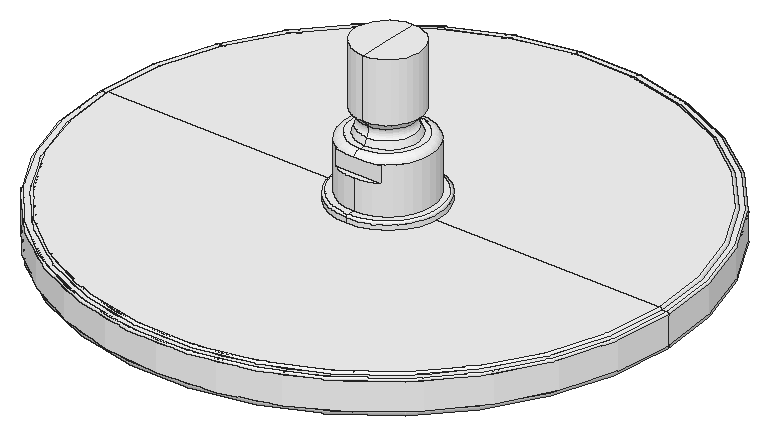
Revit family "S-2762_SPEAKMAN-NEO_RAIN SHOWER HEAD", category Plumbing Fixtures, Revit 2023
Family settings
  Round Connector Dimension = Use Diameter
  Part Type = Normal
  Work Plane-Based = No
  Enable Cutting in Views = Yes
  Always vertical = Yes
  Cut with Voids When Loaded = No
  Maintain Annotation Orientation = No
  Shared = No
  Room Calculation Point = No
Parameters
  S-2762_SPEAKMAN-NEO_RAIN SHOWER HEAD = S-2762_SPEAKMAN-NEO_RAIN SHOWER HEAD
  Default Elevation = 0' - 0"
Reference planes (in)
  plane 1 "Center (Front/Back)": y = 0
  plane 2: z = 0
  plane 3 "Center (Left/Right)": x = 0
  plane 4: y = -0.4375
  plane 5: y = 3.93664
  plane 6: y = -3.93664
  plane 7: x = -3.98643
  plane 8: x = 3.8888
  plane 9: z = -2.56329
  plane 10: y = 0.4375
  plane 11: y = 0.59375
  plane 12: y = -0.59375
  plane 13: x = 0.5933
  plane 14: x = -0.5933
  plane 15: x = 0.43705
  plane 16: x = -0.43705
  plane 17: z = -2.49349
  plane 18: z = -1.99349
  plane 19: z = -2.49349
Forms (in)
  Revolve 1, solid, material "S-2762_SPEAKMAN-NEO_RAIN SHOWER HEAD" <- "S-2762_SPEAKMAN-NEO_RAIN SHOWER HEAD"
    sketch origin (-0.04871, 0, -0.0008) x (1, 0, 0) y (0, 0, 1)
      loop
        line (0, -1.99269) -> (0, -2.49219) -> (3.8652, -2.49219)
        arc (3.8652, -2.49219) -> (3.91632, -2.47101) -> (3.9375, -2.41989) r 0.0723
        line (3.9375, -2.41989) -> (3.9375, -2.04326)
        arc (3.9375, -2.04326) -> (3.92969, -2.02439) -> (3.91082, -2.01658) r 0.02668
        line (3.91082, -2.01658) -> (3.84001, -2.01658)
        arc (3.84001, -2.01658) -> (3.82672, -1.99926) -> (3.80589, -1.99269) r 0.0363
        line (3.80589, -1.99269) -> (0, -1.99269)
      axis (0, -1.99269) -> (0, -2.49219)
    angle from 0 to 360
  Revolve 2, solid, material "S-2762_SPEAKMAN-NEO_RAIN SHOWER HEAD" <- "S-2762_SPEAKMAN-NEO_RAIN SHOWER HEAD"
    sketch origin (-0.00045, 0.03746, -0.0008) x (0, 1, 0) y (0, 0, 1)
      loop
        line (-0.03746, -1.99269) -> (-0.03746, 0) -> (-0.47496, 0) -> (-0.47496, -0.81563) -> (-0.38887, -0.91036)
        arc (-0.38887, -0.91036) -> (-0.36644, -0.98263) -> (-0.40125, -1.04982) r 0.09964
        line (-0.40125, -1.04982) -> (-0.43334, -1.13798) -> (-0.51792, -1.13798)
        arc (-0.51792, -1.13798) -> (-0.58707, -1.15979) -> (-0.63121, -1.21731) r 0.12056
        line (-0.63121, -1.21731) -> (-0.63121, -1.86162) -> (-0.72146, -1.86162)
        arc (-0.72146, -1.86162) -> (-0.74301, -1.87055) -> (-0.75194, -1.89211) r 0.03049
        line (-0.75194, -1.89211) -> (-0.75194, -1.95913) -> (-0.63121, -1.95913) -> (-0.63121, -1.99269) -> (-0.03746, -1.99269)
      axis (-0.03746, 0) -> (-0.03746, -1.99269)
    angle from 0 to 360
  Extrusion 3, solid, material "S-2762_SPEAKMAN-NEO_RAIN SHOWER HEAD" <- "S-2762_SPEAKMAN-NEO_RAIN SHOWER HEAD"
    sketch origin (-0.86907, 1.38966, -2.48075) x (0, 1, 0) y (1, 0, 0)
      loop
        circle (-4.09733, 0.87484) r 0.11553
    from 0 to 0.06785
  Extrusion 4, solid, material "S-2762_SPEAKMAN-NEO_RAIN SHOWER HEAD" <- "S-2762_SPEAKMAN-NEO_RAIN SHOWER HEAD"
    sketch origin (-0.86907, 1.38966, -2.48075) x (0, 1, 0) y (1, 0, 0)
      loop
        circle (-4.09733, 0.87484) r 0.03481
    from 0 to 0.08254
  Extrusion 5, solid, material "S-2762_SPEAKMAN-NEO_RAIN SHOWER HEAD" <- "S-2762_SPEAKMAN-NEO_RAIN SHOWER HEAD"
    sketch origin (-0.86907, 2.83894, -2.48075) x (0, 1, 0) y (1, 0, 0)
      loop
        circle (-4.09733, 0.87484) r 0.11553
    from 0 to 0.06785
  Extrusion 6, solid, material "S-2762_SPEAKMAN-NEO_RAIN SHOWER HEAD" <- "S-2762_SPEAKMAN-NEO_RAIN SHOWER HEAD"
    sketch origin (-0.86907, 2.83894, -2.48075) x (0, 1, 0) y (1, 0, 0)
      loop
        circle (-4.09733, 0.87484) r 0.03481
    from 0 to 0.08254
  Extrusion 7, solid, material "S-2762_SPEAKMAN-NEO_RAIN SHOWER HEAD" <- "S-2762_SPEAKMAN-NEO_RAIN SHOWER HEAD"
    sketch origin (-0.4356, 0.69521, -2.48075) x (0, 1, 0) y (1, 0, 0)
      loop
        circle (-4.09733, 0.87484) r 0.11553
    from 0 to 0.06785
  Extrusion 8, solid, material "S-2762_SPEAKMAN-NEO_RAIN SHOWER HEAD" <- "S-2762_SPEAKMAN-NEO_RAIN SHOWER HEAD"
    sketch origin (-0.4356, 0.69521, -2.48075) x (0, 1, 0) y (1, 0, 0)
      loop
        circle (-4.09733, 0.87484) r 0.03481
    from 0 to 0.08254
  Extrusion 9, solid, material "S-2762_SPEAKMAN-NEO_RAIN SHOWER HEAD" <- "S-2762_SPEAKMAN-NEO_RAIN SHOWER HEAD"
    sketch origin (0.40398, 0.91178, -2.48075) x (0, 1, 0) y (1, 0, 0)
      loop
        circle (-4.09733, 0.87484) r 0.11553
    from 0 to 0.06785
  Extrusion 10, solid, material "S-2762_SPEAKMAN-NEO_RAIN SHOWER HEAD" <- "S-2762_SPEAKMAN-NEO_RAIN SHOWER HEAD"
    sketch origin (0.40398, 0.91178, -2.48075) x (0, 1, 0) y (1, 0, 0)
      loop
        circle (-4.09733, 0.87484) r 0.03481
    from 0 to 0.08254
  Extrusion 11, solid, material "S-2762_SPEAKMAN-NEO_RAIN SHOWER HEAD" <- "S-2762_SPEAKMAN-NEO_RAIN SHOWER HEAD"
    sketch origin (-0.02322, 1.52419, -2.48075) x (0, 1, 0) y (1, 0, 0)
      loop
        circle (-4.09733, 0.87484) r 0.11553
    from 0 to 0.06785
  Extrusion 12, solid, material "S-2762_SPEAKMAN-NEO_RAIN SHOWER HEAD" <- "S-2762_SPEAKMAN-NEO_RAIN SHOWER HEAD"
    sketch origin (-0.02322, 1.52419, -2.48075) x (0, 1, 0) y (1, 0, 0)
      loop
        circle (-4.09733, 0.87484) r 0.03481
    from 0 to 0.08254
  Extrusion 13, solid, material "S-2762_SPEAKMAN-NEO_RAIN SHOWER HEAD" <- "S-2762_SPEAKMAN-NEO_RAIN SHOWER HEAD"
    sketch origin (1.1623, 1.32906, -2.48075) x (0, 1, 0) y (1, 0, 0)
      loop
        circle (-4.09733, 0.87484) r 0.11553
    from 0 to 0.06785
  Extrusion 14, solid, material "S-2762_SPEAKMAN-NEO_RAIN SHOWER HEAD" <- "S-2762_SPEAKMAN-NEO_RAIN SHOWER HEAD"
    sketch origin (1.1623, 1.32906, -2.48075) x (0, 1, 0) y (1, 0, 0)
      loop
        circle (-4.09733, 0.87484) r 0.03481
    from 0 to 0.08254
  Extrusion 15, solid, material "S-2762_SPEAKMAN-NEO_RAIN SHOWER HEAD" <- "S-2762_SPEAKMAN-NEO_RAIN SHOWER HEAD"
    sketch origin (0.73509, 1.91071, -2.48075) x (0, 1, 0) y (1, 0, 0)
      loop
        circle (-4.09733, 0.87484) r 0.11553
    from 0 to 0.06785
  Extrusion 16, solid, material "S-2762_SPEAKMAN-NEO_RAIN SHOWER HEAD" <- "S-2762_SPEAKMAN-NEO_RAIN SHOWER HEAD"
    sketch origin (0.73509, 1.91071, -2.48075) x (0, 1, 0) y (1, 0, 0)
      loop
        circle (-4.09733, 0.87484) r 0.03481
    from 0 to 0.08254
  Extrusion 17, solid, material "S-2762_SPEAKMAN-NEO_RAIN SHOWER HEAD" <- "S-2762_SPEAKMAN-NEO_RAIN SHOWER HEAD"
    sketch origin (1.79285, 1.91962, -2.48075) x (0, 1, 0) y (1, 0, 0)
      loop
        circle (-4.09733, 0.87484) r 0.11553
    from 0 to 0.06785
  Extrusion 18, solid, material "S-2762_SPEAKMAN-NEO_RAIN SHOWER HEAD" <- "S-2762_SPEAKMAN-NEO_RAIN SHOWER HEAD"
    sketch origin (1.79285, 1.91962, -2.48075) x (0, 1, 0) y (1, 0, 0)
      loop
        circle (-4.09733, 0.87484) r 0.03481
    from 0 to 0.08254
  Extrusion 19, solid, material "S-2762_SPEAKMAN-NEO_RAIN SHOWER HEAD" <- "S-2762_SPEAKMAN-NEO_RAIN SHOWER HEAD"
    sketch origin (2.25519, 2.6528, -2.48075) x (0, 1, 0) y (1, 0, 0)
      loop
        circle (-4.09733, 0.87484) r 0.11553
    from 0 to 0.06785
  Extrusion 20, solid, material "S-2762_SPEAKMAN-NEO_RAIN SHOWER HEAD" <- "S-2762_SPEAKMAN-NEO_RAIN SHOWER HEAD"
    sketch origin (2.25519, 2.6528, -2.48075) x (0, 1, 0) y (1, 0, 0)
      loop
        circle (-4.09733, 0.87484) r 0.03481
    from 0 to 0.08254
  Extrusion 21, solid, material "S-2762_SPEAKMAN-NEO_RAIN SHOWER HEAD" <- "S-2762_SPEAKMAN-NEO_RAIN SHOWER HEAD"
    sketch origin (2.52289, 3.47587, -2.48075) x (0, 1, 0) y (1, 0, 0)
      loop
        circle (-4.09733, 0.87484) r 0.11553
    from 0 to 0.06785
  Extrusion 22, solid, material "S-2762_SPEAKMAN-NEO_RAIN SHOWER HEAD" <- "S-2762_SPEAKMAN-NEO_RAIN SHOWER HEAD"
    sketch origin (2.52289, 3.47587, -2.48075) x (0, 1, 0) y (1, 0, 0)
      loop
        circle (-4.09733, 0.87484) r 0.03481
    from 0 to 0.08254
  Extrusion 23, solid, material "S-2762_SPEAKMAN-NEO_RAIN SHOWER HEAD" <- "S-2762_SPEAKMAN-NEO_RAIN SHOWER HEAD"
    sketch origin (1.58649, 2.77478, -2.48075) x (0, 1, 0) y (1, 0, 0)
      loop
        circle (-4.09733, 0.87484) r 0.11553
    from 0 to 0.06785
  Extrusion 24, solid, material "S-2762_SPEAKMAN-NEO_RAIN SHOWER HEAD" <- "S-2762_SPEAKMAN-NEO_RAIN SHOWER HEAD"
    sketch origin (1.58649, 2.77478, -2.48075) x (0, 1, 0) y (1, 0, 0)
      loop
        circle (-4.09733, 0.87484) r 0.03481
    from 0 to 0.08254
  Extrusion 25, solid, material "S-2762_SPEAKMAN-NEO_RAIN SHOWER HEAD" <- "S-2762_SPEAKMAN-NEO_RAIN SHOWER HEAD"
    sketch origin (1.73254, 3.27776, -2.48075) x (0, 1, 0) y (1, 0, 0)
      loop
        circle (-4.09733, 0.87484) r 0.11553
    from 0 to 0.06785
  Extrusion 26, solid, material "S-2762_SPEAKMAN-NEO_RAIN SHOWER HEAD" <- "S-2762_SPEAKMAN-NEO_RAIN SHOWER HEAD"
    sketch origin (1.73254, 3.27776, -2.48075) x (0, 1, 0) y (1, 0, 0)
      loop
        circle (-4.09733, 0.87484) r 0.03481
    from 0 to 0.08254
  Extrusion 27, solid, material "S-2762_SPEAKMAN-NEO_RAIN SHOWER HEAD" <- "S-2762_SPEAKMAN-NEO_RAIN SHOWER HEAD"
    sketch origin (1.86298, 4.12219, -2.48075) x (0, 1, 0) y (1, 0, 0)
      loop
        circle (-4.09733, 0.87484) r 0.11553
    from 0 to 0.06785
  Extrusion 28, solid, material "S-2762_SPEAKMAN-NEO_RAIN SHOWER HEAD" <- "S-2762_SPEAKMAN-NEO_RAIN SHOWER HEAD"
    sketch origin (1.86298, 4.12219, -2.48075) x (0, 1, 0) y (1, 0, 0)
      loop
        circle (-4.09733, 0.87484) r 0.03481
    from 0 to 0.08254
  Extrusion 29, solid, material "S-2762_SPEAKMAN-NEO_RAIN SHOWER HEAD" <- "S-2762_SPEAKMAN-NEO_RAIN SHOWER HEAD"
    sketch origin (1.13207, 3.91261, -2.48075) x (0, 1, 0) y (1, 0, 0)
      loop
        circle (-4.09733, 0.87484) r 0.11553
    from 0 to 0.06785
  Extrusion 30, solid, material "S-2762_SPEAKMAN-NEO_RAIN SHOWER HEAD" <- "S-2762_SPEAKMAN-NEO_RAIN SHOWER HEAD"
    sketch origin (1.13207, 3.91261, -2.48075) x (0, 1, 0) y (1, 0, 0)
      loop
        circle (-4.09733, 0.87484) r 0.03481
    from 0 to 0.08254
  Extrusion 31, solid, material "S-2762_SPEAKMAN-NEO_RAIN SHOWER HEAD" <- "S-2762_SPEAKMAN-NEO_RAIN SHOWER HEAD"
    sketch origin (0.35379, 3.7247, -2.48075) x (0, 1, 0) y (1, 0, 0)
      loop
        circle (-4.09733, 0.87484) r 0.11553
    from 0 to 0.06785
  Extrusion 32, solid, material "S-2762_SPEAKMAN-NEO_RAIN SHOWER HEAD" <- "S-2762_SPEAKMAN-NEO_RAIN SHOWER HEAD"
    sketch origin (0.35379, 3.7247, -2.48075) x (0, 1, 0) y (1, 0, 0)
      loop
        circle (-4.09733, 0.87484) r 0.03481
    from 0 to 0.08254
  Extrusion 33, solid, material "S-2762_SPEAKMAN-NEO_RAIN SHOWER HEAD" <- "S-2762_SPEAKMAN-NEO_RAIN SHOWER HEAD"
    sketch origin (0.87146, 3.11987, -2.48075) x (0, 1, 0) y (1, 0, 0)
      loop
        circle (-4.09733, 0.87484) r 0.11553
    from 0 to 0.06785
  Extrusion 34, solid, material "S-2762_SPEAKMAN-NEO_RAIN SHOWER HEAD" <- "S-2762_SPEAKMAN-NEO_RAIN SHOWER HEAD"
    sketch origin (0.87146, 3.11987, -2.48075) x (0, 1, 0) y (1, 0, 0)
      loop
        circle (-4.09733, 0.87484) r 0.03481
    from 0 to 0.08254
  Extrusion 35, solid, material "S-2762_SPEAKMAN-NEO_RAIN SHOWER HEAD" <- "S-2762_SPEAKMAN-NEO_RAIN SHOWER HEAD"
    sketch origin (0.31208, 2.49548, -2.48075) x (0, 1, 0) y (1, 0, 0)
      loop
        circle (-4.09733, 0.87484) r 0.11553
    from 0 to 0.06785
  Extrusion 36, solid, material "S-2762_SPEAKMAN-NEO_RAIN SHOWER HEAD" <- "S-2762_SPEAKMAN-NEO_RAIN SHOWER HEAD"
    sketch origin (0.31208, 2.49548, -2.48075) x (0, 1, 0) y (1, 0, 0)
      loop
        circle (-4.09733, 0.87484) r 0.03481
    from 0 to 0.08254
  Extrusion 37, solid, material "S-2762_SPEAKMAN-NEO_RAIN SHOWER HEAD" <- "S-2762_SPEAKMAN-NEO_RAIN SHOWER HEAD"
    sketch origin (-0.45163, 2.15868, -2.48075) x (0, 1, 0) y (1, 0, 0)
      loop
        circle (-4.09733, 0.87484) r 0.11553
    from 0 to 0.06785
  Extrusion 38, solid, material "S-2762_SPEAKMAN-NEO_RAIN SHOWER HEAD" <- "S-2762_SPEAKMAN-NEO_RAIN SHOWER HEAD"
    sketch origin (-0.45163, 2.15868, -2.48075) x (0, 1, 0) y (1, 0, 0)
      loop
        circle (-4.09733, 0.87484) r 0.03481
    from 0 to 0.08254
  Extrusion 39, solid, material "S-2762_SPEAKMAN-NEO_RAIN SHOWER HEAD" <- "S-2762_SPEAKMAN-NEO_RAIN SHOWER HEAD"
    sketch origin (-0.1128, 3.08126, -2.48075) x (0, 1, 0) y (1, 0, 0)
      loop
        circle (-4.09733, 0.87484) r 0.11553
    from 0 to 0.06785
  Extrusion 40, solid, material "S-2762_SPEAKMAN-NEO_RAIN SHOWER HEAD" <- "S-2762_SPEAKMAN-NEO_RAIN SHOWER HEAD"
    sketch origin (-0.1128, 3.08126, -2.48075) x (0, 1, 0) y (1, 0, 0)
      loop
        circle (-4.09733, 0.87484) r 0.03481
    from 0 to 0.08254
  Extrusion 41, solid, material "S-2762_SPEAKMAN-NEO_RAIN SHOWER HEAD" <- "S-2762_SPEAKMAN-NEO_RAIN SHOWER HEAD"
    sketch origin (-0.53513, 3.6672, -2.48075) x (0, 1, 0) y (1, 0, 0)
      loop
        circle (-4.09733, 0.87484) r 0.11553
    from 0 to 0.06785
  Extrusion 42, solid, material "S-2762_SPEAKMAN-NEO_RAIN SHOWER HEAD" <- "S-2762_SPEAKMAN-NEO_RAIN SHOWER HEAD"
    sketch origin (-0.53513, 3.6672, -2.48075) x (0, 1, 0) y (1, 0, 0)
      loop
        circle (-4.09733, 0.87484) r 0.03481
    from 0 to 0.08254
  Extrusion 43, solid, material "S-2762_SPEAKMAN-NEO_RAIN SHOWER HEAD" <- "S-2762_SPEAKMAN-NEO_RAIN SHOWER HEAD"
    sketch origin (-0.86907, -1.31475, -2.48075) x (0, 1, 0) y (1, 0, 0)
      loop
        circle (4.09733, 0.87484) r 0.11553
    from 0 to 0.06785
  Extrusion 44, solid, material "S-2762_SPEAKMAN-NEO_RAIN SHOWER HEAD" <- "S-2762_SPEAKMAN-NEO_RAIN SHOWER HEAD"
    sketch origin (-0.86907, -1.31475, -2.48075) x (0, 1, 0) y (1, 0, 0)
      loop
        circle (4.09733, 0.87484) r 0.03481
    from 0 to 0.08254
  Extrusion 45, solid, material "S-2762_SPEAKMAN-NEO_RAIN SHOWER HEAD" <- "S-2762_SPEAKMAN-NEO_RAIN SHOWER HEAD"
    sketch origin (-0.86907, -2.76403, -2.48075) x (0, 1, 0) y (1, 0, 0)
      loop
        circle (4.09733, 0.87484) r 0.11553
    from 0 to 0.06785
  Extrusion 46, solid, material "S-2762_SPEAKMAN-NEO_RAIN SHOWER HEAD" <- "S-2762_SPEAKMAN-NEO_RAIN SHOWER HEAD"
    sketch origin (-0.86907, -2.76403, -2.48075) x (0, 1, 0) y (1, 0, 0)
      loop
        circle (4.09733, 0.87484) r 0.03481
    from 0 to 0.08254
  Extrusion 47, solid, material "S-2762_SPEAKMAN-NEO_RAIN SHOWER HEAD" <- "S-2762_SPEAKMAN-NEO_RAIN SHOWER HEAD"
    sketch origin (-0.4356, -0.6203, -2.48075) x (0, 1, 0) y (1, 0, 0)
      loop
        circle (4.09733, 0.87484) r 0.11553
    from 0 to 0.06785
  Extrusion 48, solid, material "S-2762_SPEAKMAN-NEO_RAIN SHOWER HEAD" <- "S-2762_SPEAKMAN-NEO_RAIN SHOWER HEAD"
    sketch origin (-0.4356, -0.6203, -2.48075) x (0, 1, 0) y (1, 0, 0)
      loop
        circle (4.09733, 0.87484) r 0.03481
    from 0 to 0.08254
  Extrusion 49, solid, material "S-2762_SPEAKMAN-NEO_RAIN SHOWER HEAD" <- "S-2762_SPEAKMAN-NEO_RAIN SHOWER HEAD"
    sketch origin (0.40398, -0.83687, -2.48075) x (0, 1, 0) y (1, 0, 0)
      loop
        circle (4.09733, 0.87484) r 0.11553
    from 0 to 0.06785
  Extrusion 50, solid, material "S-2762_SPEAKMAN-NEO_RAIN SHOWER HEAD" <- "S-2762_SPEAKMAN-NEO_RAIN SHOWER HEAD"
    sketch origin (0.40398, -0.83687, -2.48075) x (0, 1, 0) y (1, 0, 0)
      loop
        circle (4.09733, 0.87484) r 0.03481
    from 0 to 0.08254
  Extrusion 51, solid, material "S-2762_SPEAKMAN-NEO_RAIN SHOWER HEAD" <- "S-2762_SPEAKMAN-NEO_RAIN SHOWER HEAD"
    sketch origin (-0.02322, -1.44928, -2.48075) x (0, 1, 0) y (1, 0, 0)
      loop
        circle (4.09733, 0.87484) r 0.11553
    from 0 to 0.06785
  Extrusion 52, solid, material "S-2762_SPEAKMAN-NEO_RAIN SHOWER HEAD" <- "S-2762_SPEAKMAN-NEO_RAIN SHOWER HEAD"
    sketch origin (-0.02322, -1.44928, -2.48075) x (0, 1, 0) y (1, 0, 0)
      loop
        circle (4.09733, 0.87484) r 0.03481
    from 0 to 0.08254
  Extrusion 53, solid, material "S-2762_SPEAKMAN-NEO_RAIN SHOWER HEAD" <- "S-2762_SPEAKMAN-NEO_RAIN SHOWER HEAD"
    sketch origin (1.1623, -1.25414, -2.48075) x (0, 1, 0) y (1, 0, 0)
      loop
        circle (4.09733, 0.87484) r 0.11553
    from 0 to 0.06785
  Extrusion 54, solid, material "S-2762_SPEAKMAN-NEO_RAIN SHOWER HEAD" <- "S-2762_SPEAKMAN-NEO_RAIN SHOWER HEAD"
    sketch origin (1.1623, -1.25414, -2.48075) x (0, 1, 0) y (1, 0, 0)
      loop
        circle (4.09733, 0.87484) r 0.03481
    from 0 to 0.08254
  Extrusion 55, solid, material "S-2762_SPEAKMAN-NEO_RAIN SHOWER HEAD" <- "S-2762_SPEAKMAN-NEO_RAIN SHOWER HEAD"
    sketch origin (0.73509, -1.8358, -2.48075) x (0, 1, 0) y (1, 0, 0)
      loop
        circle (4.09733, 0.87484) r 0.11553
    from 0 to 0.06785
  Extrusion 56, solid, material "S-2762_SPEAKMAN-NEO_RAIN SHOWER HEAD" <- "S-2762_SPEAKMAN-NEO_RAIN SHOWER HEAD"
    sketch origin (0.73509, -1.8358, -2.48075) x (0, 1, 0) y (1, 0, 0)
      loop
        circle (4.09733, 0.87484) r 0.03481
    from 0 to 0.08254
  Extrusion 57, solid, material "S-2762_SPEAKMAN-NEO_RAIN SHOWER HEAD" <- "S-2762_SPEAKMAN-NEO_RAIN SHOWER HEAD"
    sketch origin (1.79285, -1.8447, -2.48075) x (0, 1, 0) y (1, 0, 0)
      loop
        circle (4.09733, 0.87484) r 0.11553
    from 0 to 0.06785
  Extrusion 58, solid, material "S-2762_SPEAKMAN-NEO_RAIN SHOWER HEAD" <- "S-2762_SPEAKMAN-NEO_RAIN SHOWER HEAD"
    sketch origin (1.79285, -1.8447, -2.48075) x (0, 1, 0) y (1, 0, 0)
      loop
        circle (4.09733, 0.87484) r 0.03481
    from 0 to 0.08254
  Extrusion 59, solid, material "S-2762_SPEAKMAN-NEO_RAIN SHOWER HEAD" <- "S-2762_SPEAKMAN-NEO_RAIN SHOWER HEAD"
    sketch origin (2.25519, -2.57789, -2.48075) x (0, 1, 0) y (1, 0, 0)
      loop
        circle (4.09733, 0.87484) r 0.11553
    from 0 to 0.06785
  Extrusion 60, solid, material "S-2762_SPEAKMAN-NEO_RAIN SHOWER HEAD" <- "S-2762_SPEAKMAN-NEO_RAIN SHOWER HEAD"
    sketch origin (2.25519, -2.57789, -2.48075) x (0, 1, 0) y (1, 0, 0)
      loop
        circle (4.09733, 0.87484) r 0.03481
    from 0 to 0.08254
  Extrusion 61, solid, material "S-2762_SPEAKMAN-NEO_RAIN SHOWER HEAD" <- "S-2762_SPEAKMAN-NEO_RAIN SHOWER HEAD"
    sketch origin (2.52289, -3.40095, -2.48075) x (0, 1, 0) y (1, 0, 0)
      loop
        circle (4.09733, 0.87484) r 0.11553
    from 0 to 0.06785
  Extrusion 62, solid, material "S-2762_SPEAKMAN-NEO_RAIN SHOWER HEAD" <- "S-2762_SPEAKMAN-NEO_RAIN SHOWER HEAD"
    sketch origin (2.52289, -3.40095, -2.48075) x (0, 1, 0) y (1, 0, 0)
      loop
        circle (4.09733, 0.87484) r 0.03481
    from 0 to 0.08254
  Extrusion 63, solid, material "S-2762_SPEAKMAN-NEO_RAIN SHOWER HEAD" <- "S-2762_SPEAKMAN-NEO_RAIN SHOWER HEAD"
    sketch origin (1.34285, -2.44462, -2.48075) x (0, 1, 0) y (1, 0, 0)
      loop
        circle (4.09733, 0.87484) r 0.11553
    from 0 to 0.06785
  Extrusion 64, solid, material "S-2762_SPEAKMAN-NEO_RAIN SHOWER HEAD" <- "S-2762_SPEAKMAN-NEO_RAIN SHOWER HEAD"
    sketch origin (1.34285, -2.44462, -2.48075) x (0, 1, 0) y (1, 0, 0)
      loop
        circle (4.09733, 0.87484) r 0.03481
    from 0 to 0.08254
  Extrusion 65, solid, material "S-2762_SPEAKMAN-NEO_RAIN SHOWER HEAD" <- "S-2762_SPEAKMAN-NEO_RAIN SHOWER HEAD"
    sketch origin (1.73254, -3.20285, -2.48075) x (0, 1, 0) y (1, 0, 0)
      loop
        circle (4.09733, 0.87484) r 0.11553
    from 0 to 0.06785
  Extrusion 66, solid, material "S-2762_SPEAKMAN-NEO_RAIN SHOWER HEAD" <- "S-2762_SPEAKMAN-NEO_RAIN SHOWER HEAD"
    sketch origin (1.73254, -3.20285, -2.48075) x (0, 1, 0) y (1, 0, 0)
      loop
        circle (4.09733, 0.87484) r 0.03481
    from 0 to 0.08254
  Extrusion 67, solid, material "S-2762_SPEAKMAN-NEO_RAIN SHOWER HEAD" <- "S-2762_SPEAKMAN-NEO_RAIN SHOWER HEAD"
    sketch origin (1.13207, -3.83769, -2.48075) x (0, 1, 0) y (1, 0, 0)
      loop
        circle (4.09733, 0.87484) r 0.11553
    from 0 to 0.06785
  Extrusion 68, solid, material "S-2762_SPEAKMAN-NEO_RAIN SHOWER HEAD" <- "S-2762_SPEAKMAN-NEO_RAIN SHOWER HEAD"
    sketch origin (1.13207, -3.83769, -2.48075) x (0, 1, 0) y (1, 0, 0)
      loop
        circle (4.09733, 0.87484) r 0.03481
    from 0 to 0.08254
  Extrusion 69, solid, material "S-2762_SPEAKMAN-NEO_RAIN SHOWER HEAD" <- "S-2762_SPEAKMAN-NEO_RAIN SHOWER HEAD"
    sketch origin (0.35379, -3.64978, -2.48075) x (0, 1, 0) y (1, 0, 0)
      loop
        circle (4.09733, 0.87484) r 0.11553
    from 0 to 0.06785
  Extrusion 70, solid, material "S-2762_SPEAKMAN-NEO_RAIN SHOWER HEAD" <- "S-2762_SPEAKMAN-NEO_RAIN SHOWER HEAD"
    sketch origin (0.35379, -3.64978, -2.48075) x (0, 1, 0) y (1, 0, 0)
      loop
        circle (4.09733, 0.87484) r 0.03481
    from 0 to 0.08254
  Extrusion 71, solid, material "S-2762_SPEAKMAN-NEO_RAIN SHOWER HEAD" <- "S-2762_SPEAKMAN-NEO_RAIN SHOWER HEAD"
    sketch origin (0.87146, -3.04496, -2.48075) x (0, 1, 0) y (1, 0, 0)
      loop
        circle (4.09733, 0.87484) r 0.11553
    from 0 to 0.06785
  Extrusion 72, solid, material "S-2762_SPEAKMAN-NEO_RAIN SHOWER HEAD" <- "S-2762_SPEAKMAN-NEO_RAIN SHOWER HEAD"
    sketch origin (0.87146, -3.04496, -2.48075) x (0, 1, 0) y (1, 0, 0)
      loop
        circle (4.09733, 0.87484) r 0.03481
    from 0 to 0.08254
  Extrusion 73, solid, material "S-2762_SPEAKMAN-NEO_RAIN SHOWER HEAD" <- "S-2762_SPEAKMAN-NEO_RAIN SHOWER HEAD"
    sketch origin (0.31208, -2.42057, -2.48075) x (0, 1, 0) y (1, 0, 0)
      loop
        circle (4.09733, 0.87484) r 0.11553
    from 0 to 0.06785
  Extrusion 74, solid, material "S-2762_SPEAKMAN-NEO_RAIN SHOWER HEAD" <- "S-2762_SPEAKMAN-NEO_RAIN SHOWER HEAD"
    sketch origin (0.31208, -2.42057, -2.48075) x (0, 1, 0) y (1, 0, 0)
      loop
        circle (4.09733, 0.87484) r 0.03481
    from 0 to 0.08254
  Extrusion 75, solid, material "S-2762_SPEAKMAN-NEO_RAIN SHOWER HEAD" <- "S-2762_SPEAKMAN-NEO_RAIN SHOWER HEAD"
    sketch origin (-0.45163, -2.08376, -2.48075) x (0, 1, 0) y (1, 0, 0)
      loop
        circle (4.09733, 0.87484) r 0.11553
    from 0 to 0.06785
  Extrusion 76, solid, material "S-2762_SPEAKMAN-NEO_RAIN SHOWER HEAD" <- "S-2762_SPEAKMAN-NEO_RAIN SHOWER HEAD"
    sketch origin (-0.45163, -2.08376, -2.48075) x (0, 1, 0) y (1, 0, 0)
      loop
        circle (4.09733, 0.87484) r 0.03481
    from 0 to 0.08254
  Extrusion 77, solid, material "S-2762_SPEAKMAN-NEO_RAIN SHOWER HEAD" <- "S-2762_SPEAKMAN-NEO_RAIN SHOWER HEAD"
    sketch origin (-0.1128, -3.00634, -2.48075) x (0, 1, 0) y (1, 0, 0)
      loop
        circle (4.09733, 0.87484) r 0.11553
    from 0 to 0.06785
  Extrusion 78, solid, material "S-2762_SPEAKMAN-NEO_RAIN SHOWER HEAD" <- "S-2762_SPEAKMAN-NEO_RAIN SHOWER HEAD"
    sketch origin (-0.1128, -3.00634, -2.48075) x (0, 1, 0) y (1, 0, 0)
      loop
        circle (4.09733, 0.87484) r 0.03481
    from 0 to 0.08254
  Extrusion 79, solid, material "S-2762_SPEAKMAN-NEO_RAIN SHOWER HEAD" <- "S-2762_SPEAKMAN-NEO_RAIN SHOWER HEAD"
    sketch origin (-0.53513, -3.59228, -2.48075) x (0, 1, 0) y (1, 0, 0)
      loop
        circle (4.09733, 0.87484) r 0.11553
    from 0 to 0.06785
  Extrusion 80, solid, material "S-2762_SPEAKMAN-NEO_RAIN SHOWER HEAD" <- "S-2762_SPEAKMAN-NEO_RAIN SHOWER HEAD"
    sketch origin (-0.53513, -3.59228, -2.48075) x (0, 1, 0) y (1, 0, 0)
      loop
        circle (4.09733, 0.87484) r 0.03481
    from 0 to 0.08254
  Extrusion 81, solid, material "S-2762_SPEAKMAN-NEO_RAIN SHOWER HEAD" <- "S-2762_SPEAKMAN-NEO_RAIN SHOWER HEAD"
    sketch origin (0.43469, 0.69521, -2.48075) x (0, -1, 0) y (-1, 0, 0)
      loop
        circle (4.09733, 0.87484) r 0.11553
    from 0 to 0.06785
  Extrusion 82, solid, material "S-2762_SPEAKMAN-NEO_RAIN SHOWER HEAD" <- "S-2762_SPEAKMAN-NEO_RAIN SHOWER HEAD"
    sketch origin (0.43469, 0.69521, -2.48075) x (0, -1, 0) y (-1, 0, 0)
      loop
        circle (4.09733, 0.87484) r 0.03481
    from 0 to 0.08254
  Extrusion 83, solid, material "S-2762_SPEAKMAN-NEO_RAIN SHOWER HEAD" <- "S-2762_SPEAKMAN-NEO_RAIN SHOWER HEAD"
    sketch origin (-0.40489, 0.91178, -2.48075) x (0, -1, 0) y (-1, 0, 0)
      loop
        circle (4.09733, 0.87484) r 0.11553
    from 0 to 0.06785
  Extrusion 84, solid, material "S-2762_SPEAKMAN-NEO_RAIN SHOWER HEAD" <- "S-2762_SPEAKMAN-NEO_RAIN SHOWER HEAD"
    sketch origin (-0.40489, 0.91178, -2.48075) x (0, -1, 0) y (-1, 0, 0)
      loop
        circle (4.09733, 0.87484) r 0.03481
    from 0 to 0.08254
  Extrusion 85, solid, material "S-2762_SPEAKMAN-NEO_RAIN SHOWER HEAD" <- "S-2762_SPEAKMAN-NEO_RAIN SHOWER HEAD"
    sketch origin (0.02232, 1.52419, -2.48075) x (0, -1, 0) y (-1, 0, 0)
      loop
        circle (4.09733, 0.87484) r 0.11553
    from 0 to 0.06785
  Extrusion 86, solid, material "S-2762_SPEAKMAN-NEO_RAIN SHOWER HEAD" <- "S-2762_SPEAKMAN-NEO_RAIN SHOWER HEAD"
    sketch origin (0.02232, 1.52419, -2.48075) x (0, -1, 0) y (-1, 0, 0)
      loop
        circle (4.09733, 0.87484) r 0.03481
    from 0 to 0.08254
  Extrusion 87, solid, material "S-2762_SPEAKMAN-NEO_RAIN SHOWER HEAD" <- "S-2762_SPEAKMAN-NEO_RAIN SHOWER HEAD"
    sketch origin (-1.16321, 1.32906, -2.48075) x (0, -1, 0) y (-1, 0, 0)
      loop
        circle (4.09733, 0.87484) r 0.11553
    from 0 to 0.06785
  Extrusion 88, solid, material "S-2762_SPEAKMAN-NEO_RAIN SHOWER HEAD" <- "S-2762_SPEAKMAN-NEO_RAIN SHOWER HEAD"
    sketch origin (-1.16321, 1.32906, -2.48075) x (0, -1, 0) y (-1, 0, 0)
      loop
        circle (4.09733, 0.87484) r 0.03481
    from 0 to 0.08254
  Extrusion 89, solid, material "S-2762_SPEAKMAN-NEO_RAIN SHOWER HEAD" <- "S-2762_SPEAKMAN-NEO_RAIN SHOWER HEAD"
    sketch origin (-0.736, 1.91071, -2.48075) x (0, -1, 0) y (-1, 0, 0)
      loop
        circle (4.09733, 0.87484) r 0.11553
    from 0 to 0.06785
  Extrusion 90, solid, material "S-2762_SPEAKMAN-NEO_RAIN SHOWER HEAD" <- "S-2762_SPEAKMAN-NEO_RAIN SHOWER HEAD"
    sketch origin (-0.736, 1.91071, -2.48075) x (0, -1, 0) y (-1, 0, 0)
      loop
        circle (4.09733, 0.87484) r 0.03481
    from 0 to 0.08254
  Extrusion 91, solid, material "S-2762_SPEAKMAN-NEO_RAIN SHOWER HEAD" <- "S-2762_SPEAKMAN-NEO_RAIN SHOWER HEAD"
    sketch origin (-1.79375, 1.91962, -2.48075) x (0, -1, 0) y (-1, 0, 0)
      loop
        circle (4.09733, 0.87484) r 0.11553
    from 0 to 0.06785
  Extrusion 92, solid, material "S-2762_SPEAKMAN-NEO_RAIN SHOWER HEAD" <- "S-2762_SPEAKMAN-NEO_RAIN SHOWER HEAD"
    sketch origin (-1.79375, 1.91962, -2.48075) x (0, -1, 0) y (-1, 0, 0)
      loop
        circle (4.09733, 0.87484) r 0.03481
    from 0 to 0.08254
  Extrusion 93, solid, material "S-2762_SPEAKMAN-NEO_RAIN SHOWER HEAD" <- "S-2762_SPEAKMAN-NEO_RAIN SHOWER HEAD"
    sketch origin (-2.25609, 2.6528, -2.48075) x (0, -1, 0) y (-1, 0, 0)
      loop
        circle (4.09733, 0.87484) r 0.11553
    from 0 to 0.06785
  Extrusion 94, solid, material "S-2762_SPEAKMAN-NEO_RAIN SHOWER HEAD" <- "S-2762_SPEAKMAN-NEO_RAIN SHOWER HEAD"
    sketch origin (-2.25609, 2.6528, -2.48075) x (0, -1, 0) y (-1, 0, 0)
      loop
        circle (4.09733, 0.87484) r 0.03481
    from 0 to 0.08254
  Extrusion 95, solid, material "S-2762_SPEAKMAN-NEO_RAIN SHOWER HEAD" <- "S-2762_SPEAKMAN-NEO_RAIN SHOWER HEAD"
    sketch origin (-2.52379, 3.47587, -2.48075) x (0, -1, 0) y (-1, 0, 0)
      loop
        circle (4.09733, 0.87484) r 0.11553
    from 0 to 0.06785
  Extrusion 96, solid, material "S-2762_SPEAKMAN-NEO_RAIN SHOWER HEAD" <- "S-2762_SPEAKMAN-NEO_RAIN SHOWER HEAD"
    sketch origin (-2.52379, 3.47587, -2.48075) x (0, -1, 0) y (-1, 0, 0)
      loop
        circle (4.09733, 0.87484) r 0.03481
    from 0 to 0.08254
  Extrusion 97, solid, material "S-2762_SPEAKMAN-NEO_RAIN SHOWER HEAD" <- "S-2762_SPEAKMAN-NEO_RAIN SHOWER HEAD"
    sketch origin (-1.60572, 2.78528, -2.48075) x (0, -1, 0) y (-1, 0, 0)
      loop
        circle (4.09733, 0.87484) r 0.11553
    from 0 to 0.06785
  Extrusion 98, solid, material "S-2762_SPEAKMAN-NEO_RAIN SHOWER HEAD" <- "S-2762_SPEAKMAN-NEO_RAIN SHOWER HEAD"
    sketch origin (-1.60572, 2.78528, -2.48075) x (0, -1, 0) y (-1, 0, 0)
      loop
        circle (4.09733, 0.87484) r 0.03481
    from 0 to 0.08254
  Extrusion 99, solid, material "S-2762_SPEAKMAN-NEO_RAIN SHOWER HEAD" <- "S-2762_SPEAKMAN-NEO_RAIN SHOWER HEAD"
    sketch origin (-1.73345, 3.27776, -2.48075) x (0, -1, 0) y (-1, 0, 0)
      loop
        circle (4.09733, 0.87484) r 0.11553
    from 0 to 0.06785
  Extrusion 100, solid, material "S-2762_SPEAKMAN-NEO_RAIN SHOWER HEAD" <- "S-2762_SPEAKMAN-NEO_RAIN SHOWER HEAD"
    sketch origin (-1.73345, 3.27776, -2.48075) x (0, -1, 0) y (-1, 0, 0)
      loop
        circle (4.09733, 0.87484) r 0.03481
    from 0 to 0.08254
  Extrusion 101, solid, material "S-2762_SPEAKMAN-NEO_RAIN SHOWER HEAD" <- "S-2762_SPEAKMAN-NEO_RAIN SHOWER HEAD"
    sketch origin (-1.13297, 3.91261, -2.48075) x (0, -1, 0) y (-1, 0, 0)
      loop
        circle (4.09733, 0.87484) r 0.11553
    from 0 to 0.06785
  Extrusion 102, solid, material "S-2762_SPEAKMAN-NEO_RAIN SHOWER HEAD" <- "S-2762_SPEAKMAN-NEO_RAIN SHOWER HEAD"
    sketch origin (-1.13297, 3.91261, -2.48075) x (0, -1, 0) y (-1, 0, 0)
      loop
        circle (4.09733, 0.87484) r 0.03481
    from 0 to 0.08254
  Extrusion 103, solid, material "S-2762_SPEAKMAN-NEO_RAIN SHOWER HEAD" <- "S-2762_SPEAKMAN-NEO_RAIN SHOWER HEAD"
    sketch origin (-0.87236, 3.11987, -2.48075) x (0, -1, 0) y (-1, 0, 0)
      loop
        circle (4.09733, 0.87484) r 0.11553
    from 0 to 0.06785
  Extrusion 104, solid, material "S-2762_SPEAKMAN-NEO_RAIN SHOWER HEAD" <- "S-2762_SPEAKMAN-NEO_RAIN SHOWER HEAD"
    sketch origin (-0.87236, 3.11987, -2.48075) x (0, -1, 0) y (-1, 0, 0)
      loop
        circle (4.09733, 0.87484) r 0.03481
    from 0 to 0.08254
  Extrusion 105, solid, material "S-2762_SPEAKMAN-NEO_RAIN SHOWER HEAD" <- "S-2762_SPEAKMAN-NEO_RAIN SHOWER HEAD"
    sketch origin (-0.31298, 2.49548, -2.48075) x (0, -1, 0) y (-1, 0, 0)
      loop
        circle (4.09733, 0.87484) r 0.11553
    from 0 to 0.06785
  Extrusion 106, solid, material "S-2762_SPEAKMAN-NEO_RAIN SHOWER HEAD" <- "S-2762_SPEAKMAN-NEO_RAIN SHOWER HEAD"
    sketch origin (-0.31298, 2.49548, -2.48075) x (0, -1, 0) y (-1, 0, 0)
      loop
        circle (4.09733, 0.87484) r 0.03481
    from 0 to 0.08254
  Extrusion 107, solid, material "S-2762_SPEAKMAN-NEO_RAIN SHOWER HEAD" <- "S-2762_SPEAKMAN-NEO_RAIN SHOWER HEAD"
    sketch origin (0.45073, 2.15868, -2.48075) x (0, -1, 0) y (-1, 0, 0)
      loop
        circle (4.09733, 0.87484) r 0.11553
    from 0 to 0.06785
  Extrusion 108, solid, material "S-2762_SPEAKMAN-NEO_RAIN SHOWER HEAD" <- "S-2762_SPEAKMAN-NEO_RAIN SHOWER HEAD"
    sketch origin (0.45073, 2.15868, -2.48075) x (0, -1, 0) y (-1, 0, 0)
      loop
        circle (4.09733, 0.87484) r 0.03481
    from 0 to 0.08254
  Extrusion 109, solid, material "S-2762_SPEAKMAN-NEO_RAIN SHOWER HEAD" <- "S-2762_SPEAKMAN-NEO_RAIN SHOWER HEAD"
    sketch origin (0.43469, -0.6203, -2.48075) x (0, -1, 0) y (-1, 0, 0)
      loop
        circle (-4.09733, 0.87484) r 0.11553
    from 0 to 0.06785
  Extrusion 110, solid, material "S-2762_SPEAKMAN-NEO_RAIN SHOWER HEAD" <- "S-2762_SPEAKMAN-NEO_RAIN SHOWER HEAD"
    sketch origin (0.43469, -0.6203, -2.48075) x (0, -1, 0) y (-1, 0, 0)
      loop
        circle (-4.09733, 0.87484) r 0.03481
    from 0 to 0.08254
  Extrusion 111, solid, material "S-2762_SPEAKMAN-NEO_RAIN SHOWER HEAD" <- "S-2762_SPEAKMAN-NEO_RAIN SHOWER HEAD"
    sketch origin (-0.40489, -0.83687, -2.48075) x (0, -1, 0) y (-1, 0, 0)
      loop
        circle (-4.09733, 0.87484) r 0.11553
    from 0 to 0.06785
  Extrusion 112, solid, material "S-2762_SPEAKMAN-NEO_RAIN SHOWER HEAD" <- "S-2762_SPEAKMAN-NEO_RAIN SHOWER HEAD"
    sketch origin (-0.40489, -0.83687, -2.48075) x (0, -1, 0) y (-1, 0, 0)
      loop
        circle (-4.09733, 0.87484) r 0.03481
    from 0 to 0.08254
  Extrusion 113, solid, material "S-2762_SPEAKMAN-NEO_RAIN SHOWER HEAD" <- "S-2762_SPEAKMAN-NEO_RAIN SHOWER HEAD"
    sketch origin (0.02232, -1.44928, -2.48075) x (0, -1, 0) y (-1, 0, 0)
      loop
        circle (-4.09733, 0.87484) r 0.11553
    from 0 to 0.06785
  Extrusion 114, solid, material "S-2762_SPEAKMAN-NEO_RAIN SHOWER HEAD" <- "S-2762_SPEAKMAN-NEO_RAIN SHOWER HEAD"
    sketch origin (0.02232, -1.44928, -2.48075) x (0, -1, 0) y (-1, 0, 0)
      loop
        circle (-4.09733, 0.87484) r 0.03481
    from 0 to 0.08254
  Extrusion 115, solid, material "S-2762_SPEAKMAN-NEO_RAIN SHOWER HEAD" <- "S-2762_SPEAKMAN-NEO_RAIN SHOWER HEAD"
    sketch origin (-1.16321, -1.25414, -2.48075) x (0, -1, 0) y (-1, 0, 0)
      loop
        circle (-4.09733, 0.87484) r 0.11553
    from 0 to 0.06785
  Extrusion 116, solid, material "S-2762_SPEAKMAN-NEO_RAIN SHOWER HEAD" <- "S-2762_SPEAKMAN-NEO_RAIN SHOWER HEAD"
    sketch origin (-1.16321, -1.25414, -2.48075) x (0, -1, 0) y (-1, 0, 0)
      loop
        circle (-4.09733, 0.87484) r 0.03481
    from 0 to 0.08254
  Extrusion 117, solid, material "S-2762_SPEAKMAN-NEO_RAIN SHOWER HEAD" <- "S-2762_SPEAKMAN-NEO_RAIN SHOWER HEAD"
    sketch origin (-0.736, -1.8358, -2.48075) x (0, -1, 0) y (-1, 0, 0)
      loop
        circle (-4.09733, 0.87484) r 0.11553
    from 0 to 0.06785
  Extrusion 118, solid, material "S-2762_SPEAKMAN-NEO_RAIN SHOWER HEAD" <- "S-2762_SPEAKMAN-NEO_RAIN SHOWER HEAD"
    sketch origin (-0.736, -1.8358, -2.48075) x (0, -1, 0) y (-1, 0, 0)
      loop
        circle (-4.09733, 0.87484) r 0.03481
    from 0 to 0.08254
  Extrusion 119, solid, material "S-2762_SPEAKMAN-NEO_RAIN SHOWER HEAD" <- "S-2762_SPEAKMAN-NEO_RAIN SHOWER HEAD"
    sketch origin (-1.79375, -1.8447, -2.48075) x (0, -1, 0) y (-1, 0, 0)
      loop
        circle (-4.09733, 0.87484) r 0.11553
    from 0 to 0.06785
  Extrusion 120, solid, material "S-2762_SPEAKMAN-NEO_RAIN SHOWER HEAD" <- "S-2762_SPEAKMAN-NEO_RAIN SHOWER HEAD"
    sketch origin (-1.79375, -1.8447, -2.48075) x (0, -1, 0) y (-1, 0, 0)
      loop
        circle (-4.09733, 0.87484) r 0.03481
    from 0 to 0.08254
  Extrusion 121, solid, material "S-2762_SPEAKMAN-NEO_RAIN SHOWER HEAD" <- "S-2762_SPEAKMAN-NEO_RAIN SHOWER HEAD"
    sketch origin (-2.25609, -2.57789, -2.48075) x (0, -1, 0) y (-1, 0, 0)
      loop
        circle (-4.09733, 0.87484) r 0.11553
    from 0 to 0.06785
  Extrusion 122, solid, material "S-2762_SPEAKMAN-NEO_RAIN SHOWER HEAD" <- "S-2762_SPEAKMAN-NEO_RAIN SHOWER HEAD"
    sketch origin (-2.25609, -2.57789, -2.48075) x (0, -1, 0) y (-1, 0, 0)
      loop
        circle (-4.09733, 0.87484) r 0.03481
    from 0 to 0.08254
  Extrusion 123, solid, material "S-2762_SPEAKMAN-NEO_RAIN SHOWER HEAD" <- "S-2762_SPEAKMAN-NEO_RAIN SHOWER HEAD"
    sketch origin (-2.52379, -3.40095, -2.48075) x (0, -1, 0) y (-1, 0, 0)
      loop
        circle (-4.09733, 0.87484) r 0.11553
    from 0 to 0.06785
  Extrusion 124, solid, material "S-2762_SPEAKMAN-NEO_RAIN SHOWER HEAD" <- "S-2762_SPEAKMAN-NEO_RAIN SHOWER HEAD"
    sketch origin (-2.52379, -3.40095, -2.48075) x (0, -1, 0) y (-1, 0, 0)
      loop
        circle (-4.09733, 0.87484) r 0.03481
    from 0 to 0.08254
  Extrusion 125, solid, material "S-2762_SPEAKMAN-NEO_RAIN SHOWER HEAD" <- "S-2762_SPEAKMAN-NEO_RAIN SHOWER HEAD"
    sketch origin (-1.34376, -2.44462, -2.48075) x (0, -1, 0) y (-1, 0, 0)
      loop
        circle (-4.09733, 0.87484) r 0.11553
    from 0 to 0.06785
  Extrusion 126, solid, material "S-2762_SPEAKMAN-NEO_RAIN SHOWER HEAD" <- "S-2762_SPEAKMAN-NEO_RAIN SHOWER HEAD"
    sketch origin (-1.34376, -2.44462, -2.48075) x (0, -1, 0) y (-1, 0, 0)
      loop
        circle (-4.09733, 0.87484) r 0.03481
    from 0 to 0.08254
  Extrusion 127, solid, material "S-2762_SPEAKMAN-NEO_RAIN SHOWER HEAD" <- "S-2762_SPEAKMAN-NEO_RAIN SHOWER HEAD"
    sketch origin (-1.73345, -3.20285, -2.48075) x (0, -1, 0) y (-1, 0, 0)
      loop
        circle (-4.09733, 0.87484) r 0.11553
    from 0 to 0.06785
  Extrusion 128, solid, material "S-2762_SPEAKMAN-NEO_RAIN SHOWER HEAD" <- "S-2762_SPEAKMAN-NEO_RAIN SHOWER HEAD"
    sketch origin (-1.73345, -3.20285, -2.48075) x (0, -1, 0) y (-1, 0, 0)
      loop
        circle (-4.09733, 0.87484) r 0.03481
    from 0 to 0.08254
  Extrusion 129, solid, material "S-2762_SPEAKMAN-NEO_RAIN SHOWER HEAD" <- "S-2762_SPEAKMAN-NEO_RAIN SHOWER HEAD"
    sketch origin (-1.86389, -4.04728, -2.48075) x (0, -1, 0) y (-1, 0, 0)
      loop
        circle (-4.09733, 0.87484) r 0.11553
    from 0 to 0.06785
  Extrusion 130, solid, material "S-2762_SPEAKMAN-NEO_RAIN SHOWER HEAD" <- "S-2762_SPEAKMAN-NEO_RAIN SHOWER HEAD"
    sketch origin (-1.86389, -4.04728, -2.48075) x (0, -1, 0) y (-1, 0, 0)
      loop
        circle (-4.09733, 0.87484) r 0.03481
    from 0 to 0.08254
  Extrusion 131, solid, material "S-2762_SPEAKMAN-NEO_RAIN SHOWER HEAD" <- "S-2762_SPEAKMAN-NEO_RAIN SHOWER HEAD"
    sketch origin (-1.13297, -3.83769, -2.48075) x (0, -1, 0) y (-1, 0, 0)
      loop
        circle (-4.09733, 0.87484) r 0.11553
    from 0 to 0.06785
  Extrusion 132, solid, material "S-2762_SPEAKMAN-NEO_RAIN SHOWER HEAD" <- "S-2762_SPEAKMAN-NEO_RAIN SHOWER HEAD"
    sketch origin (-1.13297, -3.83769, -2.48075) x (0, -1, 0) y (-1, 0, 0)
      loop
        circle (-4.09733, 0.87484) r 0.03481
    from 0 to 0.08254
  Extrusion 133, solid, material "S-2762_SPEAKMAN-NEO_RAIN SHOWER HEAD" <- "S-2762_SPEAKMAN-NEO_RAIN SHOWER HEAD"
    sketch origin (-0.87236, -3.04496, -2.48075) x (0, -1, 0) y (-1, 0, 0)
      loop
        circle (-4.09733, 0.87484) r 0.11553
    from 0 to 0.06785
  Extrusion 134, solid, material "S-2762_SPEAKMAN-NEO_RAIN SHOWER HEAD" <- "S-2762_SPEAKMAN-NEO_RAIN SHOWER HEAD"
    sketch origin (-0.87236, -3.04496, -2.48075) x (0, -1, 0) y (-1, 0, 0)
      loop
        circle (-4.09733, 0.87484) r 0.03481
    from 0 to 0.08254
  Extrusion 135, solid, material "S-2762_SPEAKMAN-NEO_RAIN SHOWER HEAD" <- "S-2762_SPEAKMAN-NEO_RAIN SHOWER HEAD"
    sketch origin (-0.31298, -2.42057, -2.48075) x (0, -1, 0) y (-1, 0, 0)
      loop
        circle (-4.09733, 0.87484) r 0.11553
    from 0 to 0.06785
  Extrusion 136, solid, material "S-2762_SPEAKMAN-NEO_RAIN SHOWER HEAD" <- "S-2762_SPEAKMAN-NEO_RAIN SHOWER HEAD"
    sketch origin (-0.31298, -2.42057, -2.48075) x (0, -1, 0) y (-1, 0, 0)
      loop
        circle (-4.09733, 0.87484) r 0.03481
    from 0 to 0.08254
  Extrusion 137, solid, material "S-2762_SPEAKMAN-NEO_RAIN SHOWER HEAD" <- "S-2762_SPEAKMAN-NEO_RAIN SHOWER HEAD"
    sketch origin (0.45073, -2.08376, -2.48075) x (0, -1, 0) y (-1, 0, 0)
      loop
        circle (-4.09733, 0.87484) r 0.11553
    from 0 to 0.06785
  Extrusion 138, solid, material "S-2762_SPEAKMAN-NEO_RAIN SHOWER HEAD" <- "S-2762_SPEAKMAN-NEO_RAIN SHOWER HEAD"
    sketch origin (0.45073, -2.08376, -2.48075) x (0, -1, 0) y (-1, 0, 0)
      loop
        circle (-4.09733, 0.87484) r 0.03481
    from 0 to 0.08254
  Extrusion 139, solid, material "S-2762_SPEAKMAN-NEO_RAIN SHOWER HEAD" <- "S-2762_SPEAKMAN-NEO_RAIN SHOWER HEAD"
    sketch origin (0.1119, -3.00634, -2.48075) x (0, -1, 0) y (-1, 0, 0)
      loop
        circle (-4.09733, 0.87484) r 0.11553
    from 0 to 0.06785
  Extrusion 140, solid, material "S-2762_SPEAKMAN-NEO_RAIN SHOWER HEAD" <- "S-2762_SPEAKMAN-NEO_RAIN SHOWER HEAD"
    sketch origin (0.1119, -3.00634, -2.48075) x (0, -1, 0) y (-1, 0, 0)
      loop
        circle (-4.09733, 0.87484) r 0.03481
    from 0 to 0.08254
  Extrusion 141, solid, material "S-2762_SPEAKMAN-NEO_RAIN SHOWER HEAD" <- "S-2762_SPEAKMAN-NEO_RAIN SHOWER HEAD"
    sketch origin (-0.35469, 3.7247, -2.48075) x (0, -1, 0) y (-1, 0, 0)
      loop
        circle (4.09733, 0.87484) r 0.11553
    from 0 to 0.06785
  Extrusion 142, solid, material "S-2762_SPEAKMAN-NEO_RAIN SHOWER HEAD" <- "S-2762_SPEAKMAN-NEO_RAIN SHOWER HEAD"
    sketch origin (-0.35469, 3.7247, -2.48075) x (0, -1, 0) y (-1, 0, 0)
      loop
        circle (4.09733, 0.87484) r 0.03481
    from 0 to 0.08254
  Extrusion 143, solid, material "S-2762_SPEAKMAN-NEO_RAIN SHOWER HEAD" <- "S-2762_SPEAKMAN-NEO_RAIN SHOWER HEAD"
    sketch origin (0.1119, 3.08126, -2.48075) x (0, -1, 0) y (-1, 0, 0)
      loop
        circle (4.09733, 0.87484) r 0.11553
    from 0 to 0.06785
  Extrusion 144, solid, material "S-2762_SPEAKMAN-NEO_RAIN SHOWER HEAD" <- "S-2762_SPEAKMAN-NEO_RAIN SHOWER HEAD"
    sketch origin (0.1119, 3.08126, -2.48075) x (0, -1, 0) y (-1, 0, 0)
      loop
        circle (4.09733, 0.87484) r 0.03481
    from 0 to 0.08254
  Extrusion 145, solid, material "S-2762_SPEAKMAN-NEO_RAIN SHOWER HEAD" <- "S-2762_SPEAKMAN-NEO_RAIN SHOWER HEAD"
    sketch origin (0.53422, 3.6672, -2.48075) x (0, -1, 0) y (-1, 0, 0)
      loop
        circle (4.09733, 0.87484) r 0.11553
    from 0 to 0.06785
  Extrusion 146, solid, material "S-2762_SPEAKMAN-NEO_RAIN SHOWER HEAD" <- "S-2762_SPEAKMAN-NEO_RAIN SHOWER HEAD"
    sketch origin (0.53422, 3.6672, -2.48075) x (0, -1, 0) y (-1, 0, 0)
      loop
        circle (4.09733, 0.87484) r 0.03481
    from 0 to 0.08254
  Extrusion 147, solid, material "S-2762_SPEAKMAN-NEO_RAIN SHOWER HEAD" <- "S-2762_SPEAKMAN-NEO_RAIN SHOWER HEAD"
    sketch origin (-0.35469, -3.64978, -2.48075) x (0, -1, 0) y (-1, 0, 0)
      loop
        circle (-4.09733, 0.87484) r 0.11553
    from 0 to 0.06785
  Extrusion 148, solid, material "S-2762_SPEAKMAN-NEO_RAIN SHOWER HEAD" <- "S-2762_SPEAKMAN-NEO_RAIN SHOWER HEAD"
    sketch origin (-0.35469, -3.64978, -2.48075) x (0, -1, 0) y (-1, 0, 0)
      loop
        circle (-4.09733, 0.87484) r 0.03481
    from 0 to 0.08254
  Extrusion 149, solid, material "S-2762_SPEAKMAN-NEO_RAIN SHOWER HEAD" <- "S-2762_SPEAKMAN-NEO_RAIN SHOWER HEAD"
    sketch origin (0.53422, -3.59228, -2.48075) x (0, -1, 0) y (-1, 0, 0)
      loop
        circle (-4.09733, 0.87484) r 0.11553
    from 0 to 0.06785
  Extrusion 150, solid, material "S-2762_SPEAKMAN-NEO_RAIN SHOWER HEAD" <- "S-2762_SPEAKMAN-NEO_RAIN SHOWER HEAD"
    sketch origin (0.53422, -3.59228, -2.48075) x (0, -1, 0) y (-1, 0, 0)
      loop
        circle (-4.09733, 0.87484) r 0.03481
    from 0 to 0.08254
  Extrusion 151, solid, material "S-2762_SPEAKMAN-NEO_RAIN SHOWER HEAD" <- "S-2762_SPEAKMAN-NEO_RAIN SHOWER HEAD"
    sketch origin (-0.9252, 4.09387, -2.48075) x (0, 1, 0) y (1, 0, 0)
      loop
        circle (-4.09733, 0.87484) r 0.11553
    from 0 to 0.06785
  Extrusion 152, solid, material "S-2762_SPEAKMAN-NEO_RAIN SHOWER HEAD" <- "S-2762_SPEAKMAN-NEO_RAIN SHOWER HEAD"
    sketch origin (-1.83322, -2.45681, -2.48075) x (0, -1, 0) y (-1, 0, 0)
      loop
        circle (-4.51664, 0.45553) r 0.11553
    from 0 to 0.06785
  Extrusion 153, solid, material "S-2762_SPEAKMAN-NEO_RAIN SHOWER HEAD" <- "S-2762_SPEAKMAN-NEO_RAIN SHOWER HEAD"
    sketch origin (-1.83322, -2.45681, -2.48075) x (0, -1, 0) y (-1, 0, 0)
      loop
        circle (-4.51664, 0.45553) r 0.03481
    from 0 to 0.08254
  Extrusion 154, solid, material "S-2762_SPEAKMAN-NEO_RAIN SHOWER HEAD" <- "S-2762_SPEAKMAN-NEO_RAIN SHOWER HEAD"
    sketch origin (3.16678, -2.45681, -2.48075) x (0, -1, 0) y (-1, 0, 0)
      loop
        circle (-4.51664, 0.87484) r 0.11553
    from 0 to 0.06785
  Extrusion 155, solid, material "S-2762_SPEAKMAN-NEO_RAIN SHOWER HEAD" <- "S-2762_SPEAKMAN-NEO_RAIN SHOWER HEAD"
    sketch origin (3.16678, -2.45681, -2.48075) x (0, -1, 0) y (-1, 0, 0)
      loop
        circle (-4.51664, 0.87484) r 0.03481
    from 0 to 0.08254
  Extrusion 156, solid, material "S-2762_SPEAKMAN-NEO_RAIN SHOWER HEAD" <- "S-2762_SPEAKMAN-NEO_RAIN SHOWER HEAD"
    sketch origin (3.16678, -6.70681, -2.48075) x (0, -1, 0) y (-1, 0, 0)
      loop
        circle (-4.93594, 0.87484) r 0.11553
    from 0 to 0.06785
  Extrusion 157, solid, material "S-2762_SPEAKMAN-NEO_RAIN SHOWER HEAD" <- "S-2762_SPEAKMAN-NEO_RAIN SHOWER HEAD"
    sketch origin (3.16678, -6.70681, -2.48075) x (0, -1, 0) y (-1, 0, 0)
      loop
        circle (-4.93594, 0.87484) r 0.03481
    from 0 to 0.08254
  Extrusion 158, solid, material "S-2762_SPEAKMAN-NEO_RAIN SHOWER HEAD" <- "S-2762_SPEAKMAN-NEO_RAIN SHOWER HEAD"
    sketch origin (-1.82104, -6.35803, -2.48075) x (0, -1, 0) y (-1, 0, 0)
      loop
        circle (-4.51664, 0.45553) r 0.11553
    from 0 to 0.06785
  Extrusion 159, solid, material "S-2762_SPEAKMAN-NEO_RAIN SHOWER HEAD" <- "S-2762_SPEAKMAN-NEO_RAIN SHOWER HEAD"
    sketch origin (-1.82104, -6.35803, -2.48075) x (0, -1, 0) y (-1, 0, 0)
      loop
        circle (-4.51664, 0.45553) r 0.03481
    from 0 to 0.08254
  Extrusion 160, void
    sketch origin (-0.04871, 0.19906, 0.07914) x (0, 1, 0) y (0, 0, 1)
      loop
        line (-0.85966, -1.53045) -> (-0.70126, -1.53045) -> (-0.70126, -1.30738)
        arc (-0.70126, -1.30738) -> (-0.77858, -1.27481) -> (-0.85966, -1.25321) r 0.6068
        line (-0.85966, -1.25321) -> (-0.85966, -1.53045)
    from -1.17723 to 1.23621
Cuts and joins
  Extrusion 160 cuts Revolve 2
Dimensions and locks (in)
  plane 6 to plane 5 = 0' - 7.87328"  (x2)
  plane 7 to plane 8 = 0' - 7.87523"  (x2)
  plane 5 to plane 6 = 0' - 7.87328"
  level to plane 9 = 0' - 2.56329"  (x3)
  plane 8 to plane 7 = 0' - 7.87523"
  plane 9 to level = 0' - 2.56329"
  plane 10 to plane 4 = 0' - 0 7/8"
  plane 4 to plane 10 = 0' - 0 7/8"  (x2)
  plane 11 to plane 12 = 0' - 1 3/16"  (x2)
  plane 14 to plane 13 = 0' - 1.18659"
  plane 16 to plane 15 = 0' - 0.87409"
  plane 12 to plane 11 = 0' - 1 3/16"
  plane 18 to plane 17 = 0' - 0 1/2"  (x2)
  plane 18 to plane 19 = 0' - 0 1/2"
  plane 19 to plane 18 = 0' - 0 1/2"
  plane 15 to plane 16 = 0' - 0.87409"
  plane 13 to plane 14 = 0' - 1.18659"
  aligned and locked: plane 2 to level
